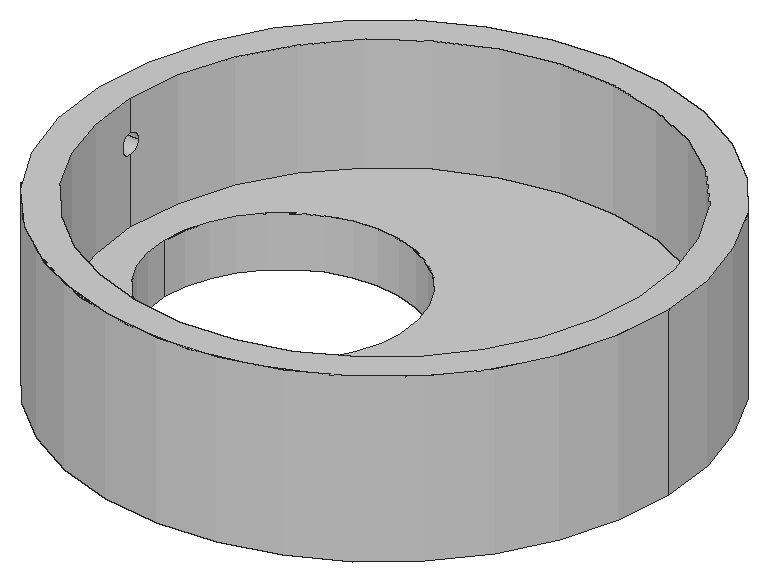
Revit family "KSP 15.5", category Фундамент несущей конструкции, Revit 2025
Family settings
  Материал для поведения модели = Прочее
  Заглушка = Нет
  Номер OmniClass = 23.25.05.00
  Заголовок OmniClass = Foundations
  На основе рабочей плоскости = Нет
  Всегда вертикально = Да
  При загрузке вырезать с полостями = Нет
  Общий = Нет
  Показывать семейство разрезанным на планах = Да
Parameters
  Петля = Петля_П1_П2 : П2
Reference planes
  plane 1 "По центру (Вперед/Назад)": y = -35
  plane 2: z = 0
  plane 3 "По центру (Влево/Вправо)": x = 0
  plane 4: z = 490
  plane 5: x = -840
  plane 6: x = -750
  plane 7: x = -650
  plane 8: x = 50
  plane 9: x = 750
  plane 10: x = 840
  plane 11: z = 150
  plane 12: x = -830
  plane 13: x = 830
  plane 14: z = 370
Forms (mm)
  Extrusion 1, solid, material "Бетон В15"
    sketch origin (0, 0, 0) x (1, 0, 0) y (0, 1, 0)
      loop
        circle (0, -35) r 840
      loop
        circle (0, -35) r 750
    from 0 to 490
  Extrusion 2, solid, material "Бетон В15"
    sketch origin (0, 0, 0) x (1, 0, 0) y (0, 1, 0)
      loop
        circle (0, -35) r 750
      loop
        circle (-300, -35) r 350
    from 0 to 150
  Extrusion 3, void
    sketch origin (0, 0, 0) x (0, 1, 0) y (0, 0, 1)
      loop
        circle (-35, 370) r 30
    from -830 to 830
Cuts and joins
  Extrusion 3 cuts Extrusion 1
  joined: Extrusion 1, Extrusion 2
Dimensions and locks
  plane 4 to level = 490 mm
  plane 14 to level = 370 mm
  aligned and locked: plane 2 to level
